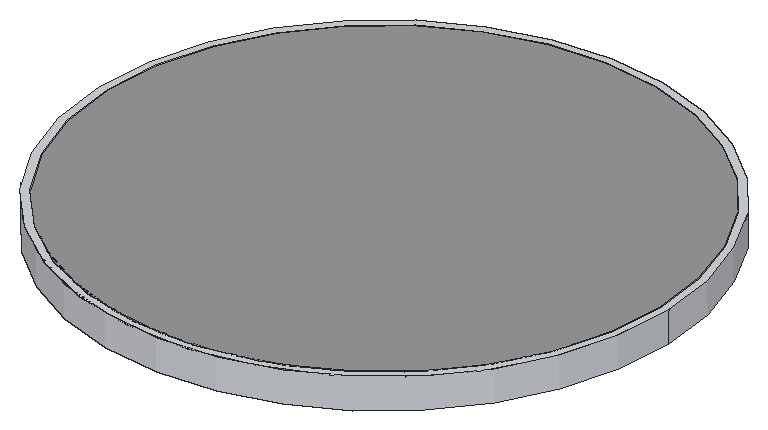
Revit family "2071306", category Lighting Fixtures, host Face, Revit 2018
Family settings
  Host = Face
  Round Connector Dimension = Use Diameter
  Part Type = Junction Box
  OmniClass Number = 23.80.70.00
  OmniClass Title = Lighting
  Cut with Voids When Loaded = No
  Light Source = Yes
  Shared = No
  Room Calculation Point = No
Parameters (values of type "2071306 COLOSSAL 1200 830 OP DIR+H WHT DALI EM")
  iner diameter = 1168 mm
  Weight = "n/a"
  Wattage Comments = ""
  Wattage = 30 W
  WarrantyStartDate [instance] = "n/a"
  WarrantyGuarantorParts = "n/a"
  WarrantyDurationUnit = "n/a"
  WarrantyDurationParts = ""
  WarrantyDescription = "http://www.sylvania-lighting.com"
  built-in parameter 1150110 = 1 (stored number, unit not read)
  Voltage = 230 V
  URL = "0.95"
  TypeName = "COLOSSAL 1200mm 830 OPAL DIR+HAL WHITE DALI EM"
  Type Image = <None>
  Type Comments = "n/a"
  built-in parameter 1114217 = 1 (stored number, unit not read)
  Tilt Angle = -90.00°
  built-in parameter 1150109 = 1 (stored number, unit not read)
  built-in parameter 1150134 = (empty or 0)
  built-in parameter 1150113 = 1 (stored number, unit not read)
  SerialNumber [instance] = "n/a"
  Photometric Web File = "2071306.ies"
  Material_3_SYL = LED-Sylvania
  PowerFactor = 0
  PowerConsumption = "Lighting"
  NominalLength = 1168 mm
  NominalHeight = 93 mm
  NominalDepth = 1168 mm
  Name = "COLOSSAL 1200mm 830 OPAL DIR+HAL WHITE DALI EM"
  ModelReference = Name  # "COLOSSAL 1200mm 830 OPAL DIR+HAL WHITE DALI EM"
  ModelNumber = "2071306"
  Model = Name  # "COLOSSAL 1200mm 830 OPAL DIR+HAL WHITE DALI EM"
  Material = "Feilo Sylvania"
  ManufacturerName = "135 lm/W"
  Manufacturer = ""
  LuminousEfficacy = ""
  built-in parameter 1150105 = 270.44 (stored number, unit not read)
  Lumens = 3398.4 lm
  LuminaireType = "0"
  built-in parameter 1150115 = 1 (stored number, unit not read)
  LightOutputRatio = "LED"
  built-in parameter 1150137 = (empty or 0)
  built-in parameter 1150139 = (empty or 0)
  LampsType = Lamp  # "n/a"
  LampNominalLuminous = "3000 K"
  LampMacAdamStep = "80"
  LampColourTemperature = "LED"
  LampColourRenderingIndex = "16500"
  built-in parameter 1150112 = 1 (stored number, unit not read)
  built-in parameter 1150114 = 1 (stored number, unit not read)
  Lamp = "n/a"
  Keynote = "n/a"
  InstallationDate [instance] = "n/a"
  InputVoltage = "0"
  InputNominalFrequency = "3000"
  built-in parameter 1150132 = (empty or 0)
  built-in parameter 1150102 = (empty or 0)
  built-in parameter 1150107 = 3000 (stored number, unit not read)
  built-in parameter 1150138 = (empty or 0)
  IngressProtection = "IfcLightFixtureType"
  ImpactProtectionIndex = "IfcLightFixtureType"
  built-in parameter 1150106 = 2.7044 (stored number, unit not read)
  IfcExportType = "IfcLightFixtureType"
  IfcExportAs = "Class I"
  Emit from Circle Diameter = 385 mm
  Emit Shape Visible in Rendering = no
  ElectricShockClassification = "135"
  built-in parameter 1150104 = 10.524 (stored number, unit not read)
  DocumentationLiterature = "http://www.sylvania-lighting.com/product/en-int/products/2071306"
  DimmingControlOptions = "n/a"
  Material_2_SYL = Polycarbonate_Sylvania_White
  Dimming Lamp Color Temperature Shift = <None>
  Description = "1200mm diameter circular architectural luminaire, can be surface mounted or suspended. Powder coated aluminium housing (RAL9016) with polycarbonate opal diffuser. Direct/indirect (halo) light distribution, 21130lm luminuous flux, 157W system power, 135lm/W luminiaire efficacy. DALI dimmable. 3 hours integrated emergency. Colour rendering index Ra >80, 3000K Warm White LED, chromaticity tolerance of 3-step MacAdam ellipse. IP40/IP20, IK03. 450mA drive current. Electrical protection Class1, 220-240V. Reported lifetime 66k hours L90B10."
  Default Elevation = 1219.2 mm
  CreatedOn = "23/03/2022"
  CreatedBy = "@sylvania-lighting.com"
  Cost = 0
  Color Filter = 16777215
  built-in parameter 1114216 [instance] = (empty or 0)
  ClassificationValue = "EF_70_80"
  ClassificationName = "Uniclass2015"
  Material_1_SYL = Polycarbonate_Sylvania_Opal
  BarCode [instance] = "n/a"
  built-in parameter 1114218 = 1 (stored number, unit not read)
  built-in parameter 1150133 = 10 (stored number, unit not read)
  AssetType = "Fixed"
  AssetIdentifier [instance] = "n/a"
  Assembly Code = "D5020200"
  Apparent Load = 157 VA
  Material_4_SYL = none
Reference planes
  plane 1 "Center (Front/Back)": y = 0
  plane 2: z = 0
  plane 3 "Center (Left/Right)": x = 0
  plane 4: z = 1.161
  plane 5: z = 16.161
  plane 6: y = 584
  plane 7: y = -584
  plane 8: x = 85
  plane 9: x = -85
  plane 10: through (0, 0, 1219.2) normal (0.5, 0.866, 0)
  plane 11: through (42.5, 73.612, 1219.2) normal (0.5, 0.866, 0)
  plane 12: through (-42.5, -73.612, 1219.2) normal (0.5, 0.866, 0)
  plane 13: through (0, 0, 1219.2) normal (0.5, -0.866, 0)
  plane 14: through (-42.5, 73.612, 1219.2) normal (0.5, -0.866, 0)
  plane 15: through (42.5, -73.612, 1219.2) normal (0.5, -0.866, 0)
  plane 16: z = 93
  plane 17: y = 584
  plane 18: y = -584
  plane 19: y = -429
  plane 20: x = -584
  plane 21: x = 584
Forms (mm)
  Extrusion 1, solid, detail levels medium+fine
    sketch origin (0, 0, 0) x (0.866025, -0.5, 0) y (0.5, 0.866025, 0)
      loop
        circle (-50, 86.603) r 22
    from 0 to 2
  Extrusion 2, solid, detail levels medium+fine
    sketch origin (0, 0, 0) x (0.866025, -0.5, 0) y (0.5, 0.866025, 0)
      loop
        circle (100, 0) r 22
      loop
        circle (-50, -86.603) r 22
    from 0 to 2
  Extrusion 3, solid, detail levels medium+fine
    sketch origin (0, 0, 0) x (1, 0, 0) y (0, 1, 0)
      loop
        circle (0, 0) r 584
    from 30 to 93
  Extrusion 4, void
    sketch origin (0, 0, 0) x (1, 0, 0) y (0, 1, 0)
      loop
        circle (0, 0) r 568
    from 96.588 to 37.292
  Extrusion 5, solid, material "Glass, White, High Luminance", detail levels fine
    sketch origin (0, 0, 0) x (1, 0, 0) y (0, 1, 0)
      loop
        circle (0, 0) r 568
    from 88.022 to 93
  Extrusion 6, solid, detail levels coarse
    sketch origin (0, 0, 0) x (1, 0, 0) y (0, 1, 0)
      loop
        line (-584, 584) -> (-584, -584) -> (584, -584) -> (584, 584) -> (-584, 584)
    from 0 to 93
  Blend 7, solid, detail levels medium+fine
    base sketch origin (-10.814, 11.299, 29.922) x (1, 0, 0) y (0, 1, 0)
      loop
        line (-402.654, -330.622) -> (397.346, -330.622) -> (482.346, -183.398) -> (82.346, 509.423) -> (-87.654, 509.423) -> (-487.654, -183.398) -> (-402.654, -330.622)
    top sketch origin (-10.814, 11.299, 29.922) x (1, 0, 0) y (0, 1, 0)
      loop
        line (-363.391, -306.496) -> (364.632, -306.496) -> (449.632, -159.272) -> (87.132, 468.597) -> (-82.868, 468.597) -> (-445.368, -159.272) -> (-363.391, -306.496)
    from 0 to -30
Cuts and joins
  Extrusion 4 cuts Extrusion 1
  Extrusion 4 cuts Extrusion 2
  Extrusion 4 cuts Extrusion 3
Lines and regions (mm)
  model lines, detail levels medium+fine
    curve 1: circle (0, 0, 0) r 155 normal (0, 0, 1)
  reference lines
    curve 2: circle (0, 0, 0) r 489 normal (0, 0, 1)
    curve 3: circle (0, 0, 0) r 521 normal (0, 0, 1)
    curve 4: line (0, 0, 0) -> (606.218, -350, 0)
    curve 5: line (0, 0, 0) -> (0, 825, 0)
    curve 6: line (0, 0, 0) -> (-623.538, -360, 0)
    curve 7: line (639.013, -270.785, 0) -> (85, 49.075, 0)
    curve 8: line (563.718, -423.612, 0) -> (0, -98.15, 0)
    curve 9: line (85, 49.075, 0) -> (85, 825, 0)
    curve 10: line (-85, 49.075, 0) -> (-85, 825, 0)
    curve 11: line (-85, 49.075, 0) -> (-666.038, -286.388, 0)
    curve 12: line (-581.038, -433.612, 0) -> (0, -98.15, 0)
Dimensions and locks
  plane 4 to level = 1.161 mm
  locked: plane 5 to plane 4 at 15
  "NominalDepth": plane 6 to plane 7
  plane 6 to plane 1 "Center (Front/Back)" to plane 7 = 584 mm, 584 mm
  "NominalHeight": level to plane 16
  equal spacing: plane 17, plane 1 "Center (Front/Back)", plane 18
  "NominalLength": plane 20 to plane 21
  equal spacing: plane 20, plane 3 "Center (Left/Right)", plane 21
  aligned and locked: plane 2 to host face
  aligned and locked: level to host face
  aligned and locked: plane 6 to Extrusion 6
Automatic sketch dimensions
  host sketch curve to host sketch curve = 2438.4 mm  (x2)
  Extrusion 1 sketch curve to plane 3 "Center (Left/Right)" = 0 mm
  Extrusion 1 sketch curve to plane 1 "Center (Front/Back)" = 100 mm
  plane 1 "Center (Front/Back)" to Extrusion 2 sketch curve = 50 mm
  Extrusion 2 sketch curve to plane 3 "Center (Left/Right)" = 86.603 mm
  Extrusion 2 sketch curve to Extrusion 2 sketch curve = 150 mm
  Extrusion 2 sketch curve to Extrusion 2 sketch curve = 86.603 mm
  plane 1 "Center (Front/Back)" to curve 1 = 0 mm
  curve 1 to plane 3 "Center (Left/Right)" = 0 mm
  plane 1 "Center (Front/Back)" to Extrusion 3 sketch curve = 0 mm
  Extrusion 3 sketch curve to plane 3 "Center (Left/Right)" = 0 mm
  plane 1 "Center (Front/Back)" to Extrusion 4 sketch curve = 0 mm
  Extrusion 4 sketch curve to plane 3 "Center (Left/Right)" = 0 mm
  plane 1 "Center (Front/Back)" to Extrusion 5 sketch curve = 0 mm
  Extrusion 5 sketch curve to plane 3 "Center (Left/Right)" = 0 mm
  curve 2 to curve 3 = 0 mm  (x2)
  curve 11 to plane 14 = 0 mm
  curve 6 to plane 13 = 0 mm
  curve 12 to plane 15 = 0 mm
  curve 10 to plane 9 = 0 mm
  curve 12 to plane 3 "Center (Left/Right)" = 0 mm
  plane 1 "Center (Front/Back)" to curve 3 = 0 mm
  curve 3 to plane 3 "Center (Left/Right)" = 0 mm
  curve 7 to plane 8 = 0 mm
  curve 11 to plane 10 = 0 mm
  curve 12 to plane 19 = 4.612 mm
  plane 19 to curve 6 = 69 mm
  plane 19 to curve 11 = 142.612 mm
  plane 19 to curve 8 = 5.388 mm
  plane 19 to curve 4 = 79 mm
  plane 19 to curve 7 = 158.215 mm
  plane 6 to curve 5 = 241 mm
  curve 10 to curve 5 = 0 mm
  curve 5 to curve 9 = 0 mm
  plane 1 "Center (Front/Back)" to curve 6 = 0 mm
  curve 6 to plane 3 "Center (Left/Right)" = 0 mm
  Extrusion 6 sketch curve to plane 7 = 0 mm
  Extrusion 6 sketch curve to plane 6 = 0 mm
  Blend 7 sketch curve to plane 6 = 756.098 mm  (x2)
  Blend 7 sketch curve to Blend 7 sketch curve = 85 mm
  plane 3 "Center (Left/Right)" to Blend 7 sketch curve = 386.532 mm
  plane 8 to Blend 7 sketch curve = 386.532 mm
  Blend 7 sketch curve to plane 6 = 63.278 mm
  Blend 7 sketch curve to plane 6 = 731.972 mm  (x2)
  Blend 7 sketch curve to Blend 7 sketch curve = 81.977 mm
  plane 3 "Center (Left/Right)" to Blend 7 sketch curve = 353.818 mm
  plane 8 to Blend 7 sketch curve = 353.818 mm
  Blend 7 sketch curve to plane 6 = 104.104 mm
  plane 12 to curve 8 = 0 mm
  plane 19 to Blend 7 sketch curve = 109.677 mm
  plane 19 to Blend 7 sketch curve = 133.803 mm
  plane 8 to Extrusion 6 sketch curve = 499 mm
  Extrusion 6 sketch curve to plane 9 = 499 mm
  Blend 7 sketch curve to plane 8 = 13.468 mm
  Blend 7 sketch curve to plane 9 = 13.468 mm
  Blend 7 sketch curve to plane 9 = 328.468 mm
  Blend 7 sketch curve to plane 8 = 8.682 mm
  Blend 7 sketch curve to plane 9 = 8.682 mm
  Blend 7 sketch curve to plane 9 = 289.205 mm
  plane 10 to curve 4 = 0 mm
  plane 11 to curve 7 = 0 mm
  curve 12 to plane 12 = 0 mm
  curve 9 to plane 11 = 0 mm
  radius of Extrusion 1 sketch curve = 22 mm
  radius of Extrusion 2 sketch curve = 22 mm  (x2)
  radius of curve 1 = 155 mm
  radius of Extrusion 3 sketch curve = 584 mm
  radius of Extrusion 4 sketch curve = 568 mm
  radius of Extrusion 5 sketch curve = 568 mm
  radius of curve 2 = 489 mm
  radius of curve 3 = 521 mm
Connectors
  electrical at (0, 0, 30)
    settings: on cut or joined group of Extrusion 3, Extrusion 4, index 1, voltage 0 V, apparent load 0 VA, apparent load phase1 0 VA, apparent load phase2 0 VA, apparent load phase3 0 VA, power factor 1, load classification "Other", number of poles 1, system type 31, power factor state 1, is connector primary yes, connector utility no, sub classification motor no, connector description ""
